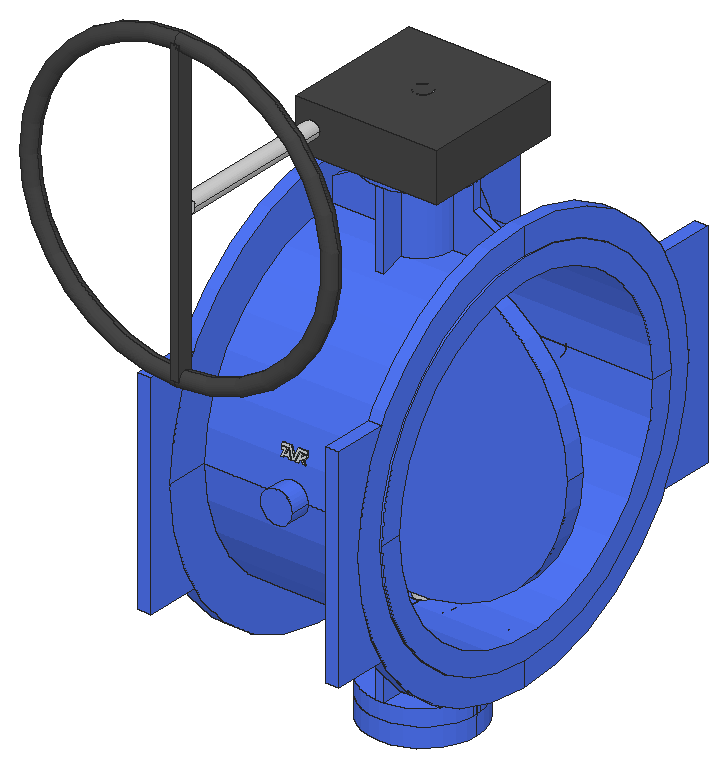
Revit family "756-100-020-DN150-600", category Pipe Accessories, Revit 2019
Family settings
  Round Connector Dimension = Use Diameter
  Part Type = Valve - Breaks Into
  Work Plane-Based = No
  Always vertical = Yes
  Cut with Voids When Loaded = No
  Shared = No
Parameters (values of type "DN600-PN16")
  offset = size_lookup(Search_table, "offset", 0.00 mm, DN)  # 3.00 mm
  W5 = size_lookup(Search_table, "W5", 0.00 mm, DN)  # 456.00 mm
  W4 = size_lookup(Search_table, "W4", 0.00 mm, DN)  # 437.00 mm
  W3 = size_lookup(Search_table, "W3", 0.00 mm, DN)  # 426.00 mm
  W2 = size_lookup(Search_table, "W2", 0.00 mm, DN)  # 556.00 mm
  W1 = size_lookup(Search_table, "W1", 0.00 mm, DN)  # 435.00 mm
  URL_product_pages = "https://www.avkvalves.com/P.aspx?no=756030011400009"
  Rib_width_2 = Gear_box_Mount_Flange_width * 2  # 205.00 mm
  Rib_width = L - (Flange_Thickness * 2)  # 330.00 mm
  Rib_height_2 = H1 - Flange_OD  # 75.00 mm
  Rib_depth = if(DN > 149.00 mm, 15.00 mm, if(DN > 299.00 mm, 15.00 mm, if(DN > 399.00 mm, 20.00 mm, 20.00 mm)))  # 15.00 mm
  Rib_height = Flange_OD / 1.1  # 354.545 mm
  Rf_Dia = size_lookup(Search_table, "RF_Dia", 0.00 mm, DN) / 2  # 341.00 mm
  RF_Cut_Thickness = 5.00 mm  # constant formula
  Pin_width = L / 2  # 195.00 mm
  Pin_dia = HW_rod_Dia * 2  # 60.00 mm
  Pin_Depth = (DN + size_lookup(Search_table, "Flange_OD", 0.00 mm, DN)) / 2  # 690.08 mm
  L2 = size_lookup(Search_table, "L2", 0.00 mm, DN)  # 100.00 mm
  L1 = size_lookup(Search_table, "L1", 0.00 mm, DN)  # 94.00 mm
  L = size_lookup(Search_table, "L", 0.00 mm, DN)  # 390.00 mm
  ID (Radius) = DN / 2  # 300.08 mm
  Hand_wheel_rod = size_lookup(Search_table, "Hand_wheel_rod", 0.00 mm, DN)  # 31.50 mm
  HW_rod_Dia = size_lookup(Search_table, "HW_rod_Dia", 0.00 mm, DN)  # 30.00 mm
  HW_height = W5 - (HW_rod_Dia / 2)  # 441.00 mm
  HW_Ref = size_lookup(Search_table, "HW_Ref", 0.00 mm, DN)  # 104.00 mm
  HW_Connecting_Rib_ref = (W2 + H1) / 2  # 510.50 mm
  HW_Connecting_Rib = D * 2  # 570.00 mm
  H2 = size_lookup(Search_table, "H2", 0.00 mm, DN)  # 502.00 mm
  H1 = size_lookup(Search_table, "H1", 0.00 mm, DN)  # 465.00 mm
  Gear_box_width = Gear_box_Mount_Flange_width * 1.3  # 133.25 mm
  Flange_Thickness = size_lookup(Search_table, "Flange_Thickness", 0.00 mm, DN)  # 30.00 mm
  Flange_OD = size_lookup(Search_table, "Flange_OD", 0.00 mm, DN) / 2  # 390.00 mm
  Disc_width = if(DN > 499.00 mm, 35.00 mm, if(DN > 399.00 mm, 25.00 mm, if(DN > 349.00 mm, 20.00 mm, if(DN > 249.00 mm, 15.00 mm, if(DN > 149.00 mm, 10.00 mm, 10.00 mm)))))  # 35.00 mm
  Disc_Dia = size_lookup(Search_table, "Disc_Dia", 0.00 mm, DN)  # 582.00 mm
  DN = 600.16 mm
  Search_table = "756-100-020-DN150-600"
  Disc_2 = size_lookup(Search_table, "Disk_2", 0.00 mm, DN)  # 20.00 mm
  Disc_1 = size_lookup(Search_table, "Disk_1", 0.00 mm, DN)  # 20.00 mm
  Description_ = "AVK_SWING_CHECK_VALVE"
  DN600_PN16 = "756-0600-1-1400009"
  DN600_PN10 = "756-0600-1-0400009"
  DN600 = yes
  DN500_PN16 = "756-0500-1-1400009"
  DN500_PN10 = "756-0500-1-0400009"
  DN500 = yes
  DN450_PN16 = "756-0450-1-1400009"
  DN450_PN10 = "756-0450-1-0400009"
  DN450 = yes
  DN400_PN16 = "756-0400-1-1400009"
  DN400_PN10 = "756-0400-1-0400009"
  DN400 = yes
  DN350_PN16 = "756-0350-1-1400009"
  DN350_PN10 = "756-0350-1-0400009"
  DN350 = yes
  DN300_PN16 = "756-0300-1-1400009"
  DN300_PN10 = "756-0300-1-0400009"
  DN300 = yes
  DN250_PN16 = "756-0250-1-1400009"
  DN250_PN10 = "756-0250-1-0400009"
  DN250 = yes
  DN200_PN16 = "756-0200-1-1400009"
  DN200_PN10 = "756-0200-1-0400009"
  DN200 = yes
  DN150_PN10/16 = "756-0150-1-1400009"
  DN150 = yes
  D = size_lookup(Search_table, "D", 0.00 mm, DN) / 2 - (HW_rod_Dia / 2)  # 285.00 mm
  C_rod = if(DN > 499.00 mm, 34.00 mm, if(DN > 399.00 mm, 24.00 mm, if(DN > 349.00 mm, 19.00 mm, if(DN > 249.00 mm, 14.00 mm, if(DN > 149.00 mm, 9.00 mm, 9.00 mm)))))  # 34.00 mm
  Bottom_width = size_lookup(Search_table, "Bottom_width", 0.00 mm, DN)  # 400.00 mm
  Bottom_Depth = DN * 1.5  # 900.24 mm
  Gear_box_Mount_width = size_lookup(Search_table, "Gear_box_Mount_width", 0.00 mm, DN) * 2  # 62.50 mm
  Gear_box_Mount_Flange_width = size_lookup(Search_table, "Gear_box_Mount_Flange_width", 0.00 mm, DN) / 2  # 102.50 mm
  Gear_box_Mount_Flange_thickness = size_lookup(Search_table, "Gear_box_Mount_Flange_thickness", 0.00 mm, DN)  # 30.00 mm
  Body_wallthickness = 10.00 mm  # constant formula
Types (18, lengths in mm): name | offset | W5 | W4 | W3 | W2 | W1 | Rib_width_2 | Rib_width | Rib_height_2 | Rib_height | Rf_Dia | Pin_width | Pin_dia | Pin_Depth | L2 | L1 | L | ID (Radius) | Hand_wheel_rod | HW_rod_Dia | HW_height | HW_Ref | HW_Connecting_Rib_ref | HW_Connecting_Rib | H2 | H1 | Gear_box_width | Flange_Thickness | Flange_OD | Disc_width | Disc_Dia | DN | Disc_2 | Disc_1 | DN250_PN10 | D | C_rod | Bottom_width | Bottom_Depth | Gear_box_Mount_width | Gear_box_Mount_Flange_width | Gear_box_Mount_Flange_thickness
  (no name) | 3.00 | 456.00 | 437.00 | 426.00 | 556.00 | 435.00 | 205.00 | 330.00 | 75.00 | 354.545 | 341.00 | 195.00 | 60.00 | 690.08 | 100.00 | 94.00 | 390.00 | 300.08 | 31.50 | 30.00 | 441.00 | 104.00 | 510.50 | 570.00 | 502.00 | 465.00 | 133.25 | 30.00 | 390.00 | 35.00 | 582.00 | 600.16 | 20.00 | 20.00 | "756-0250-1-0400009" | 285.00 | 34.00 | 400.00 | 900.24 | 62.50 | 102.50 | 30.00
  DN150-PN10/16 | 3.00 | 276.00 | 6.00 | 6.00 | 263.00 | 155.00 | 136.00 | 180.00 | 48.00 | 129.545 | 105.50 | 105.00 | 30.00 | 217.50 | 1.00 | 1.00 | 210.00 | 75.00 | 36.50 | 15.00 | 268.50 | 71.00 | 226.75 | 235.00 | 201.00 | 190.50 | 88.40 | 15.00 | 142.50 | 10.00 | 133.00 | 150.00 | 2.00 | 2.00 | "756-0250-1-0400009" | 117.50 | 9.00 | 120.00 | 225.00 | 43.00 | 68.00 | 15.00
  DN200-PN10 | 5.00 | 276.00 | 6.00 | 6.00 | 279.00 | 182.00 | 136.00 | 200.00 | 46.50 | 154.545 | 133.00 | 115.00 | 30.00 | 270.05 | 1.00 | 1.00 | 230.00 | 100.05 | 31.50 | 15.00 | 268.50 | 71.00 | 247.75 | 235.00 | 225.00 | 216.50 | 88.40 | 15.00 | 170.00 | 10.00 | 180.00 | 200.10 | 2.00 | 2.00 | "756-0250-1-0400009" | 117.50 | 9.00 | 140.00 | 300.15 | 43.00 | 68.00 | 15.00
  DN250-PN10 | 5.00 | 276.00 | 6.00 | 6.00 | 313.00 | 215.00 | 124.00 | 220.00 | 48.00 | 184.091 | 159.50 | 125.00 | 30.00 | 327.55 | 1.00 | 1.00 | 250.00 | 125.05 | 31.50 | 15.00 | 268.50 | 71.00 | 281.75 | 235.00 | 259.00 | 250.50 | 80.60 | 15.00 | 202.50 | 15.00 | 227.00 | 250.10 | 2.00 | 2.00 | "756-0250-1-0400009" | 117.50 | 14.00 | 170.00 | 375.15 | 37.00 | 62.00 | 15.00
  DN300-PN10 | 6.00 | 276.00 | 104.00 | 6.00 | 343.00 | 242.00 | 150.00 | 230.00 | 51.50 | 209.091 | 185.00 | 135.00 | 40.00 | 380.05 | 12.00 | 1.00 | 270.00 | 150.05 | 31.00 | 20.00 | 266.00 | 71.00 | 312.25 | 230.00 | 293.00 | 281.50 | 97.50 | 20.00 | 230.00 | 15.00 | 282.17 | 300.10 | 20.00 | 3.00 | "756-0250-1-0400009" | 115.00 | 14.00 | 210.00 | 450.15 | 45.00 | 75.00 | 20.00
  DN350-PN10 | 3.00 | 276.00 | 173.00 | 151.00 | 369.00 | 272.00 | 160.00 | 250.00 | 48.00 | 236.364 | 214.50 | 145.00 | 40.00 | 435.05 | 26.00 | 20.00 | 290.00 | 175.05 | 30.50 | 20.00 | 266.00 | 71.00 | 338.50 | 230.00 | 318.00 | 308.00 | 104.00 | 20.00 | 260.00 | 20.00 | 334.20 | 350.10 | 20.00 | 20.00 | "756-0250-1-0400009" | 115.00 | 19.00 | 210.00 | 525.15 | 50.00 | 80.00 | 20.00
  DN400-PN10 | 3.00 | 306.00 | 232.00 | 215.00 | 403.00 | 302.00 | 150.00 | 270.00 | 49.00 | 263.636 | 240.00 | 155.00 | 40.00 | 490.05 | 41.00 | 35.00 | 310.00 | 200.05 | 32.00 | 20.00 | 296.00 | 80.00 | 371.00 | 380.00 | 349.00 | 339.00 | 97.50 | 20.00 | 290.00 | 25.00 | 383.00 | 400.10 | 20.00 | 20.00 | "756-0250-1-0400009" | 190.00 | 24.00 | 260.00 | 600.15 | 45.00 | 75.00 | 20.00
  DN450-PN10 | 3.00 | 306.00 | 284.00 | 267.00 | 440.00 | 332.00 | 185.00 | 270.00 | 40.00 | 290.909 | 265.00 | 165.00 | 60.00 | 545.05 | 55.00 | 48.00 | 330.00 | 225.05 | 30.00 | 30.00 | 291.00 | 86.00 | 400.00 | 370.00 | 389.00 | 360.00 | 120.25 | 30.00 | 320.00 | 25.00 | 430.00 | 450.10 | 20.00 | 20.00 | "756-0250-1-0400009\r\n756-0250-1-0400009" | 185.00 | 24.00 | 280.00 | 675.15 | 58.00 | 92.50 | 30.00
  DN500-PN10 | 3.00 | 306.00 | 335.00 | 322.00 | 468.00 | 338.00 | 185.00 | 290.00 | 55.00 | 304.545 | 291.00 | 175.00 | 60.00 | 585.05 | 69.00 | 63.00 | 350.00 | 250.05 | 30.00 | 30.00 | 291.00 | 86.00 | 429.00 | 370.00 | 417.00 | 390.00 | 120.25 | 30.00 | 335.00 | 35.00 | 480.61 | 500.10 | 20.00 | 20.00 | "756-0250-1-0400009" | 185.00 | 34.00 | 320.00 | 750.15 | 58.00 | 92.50 | 30.00
  DN600-PN10 | 3.00 | 416.00 | 437.00 | 426.00 | 536.00 | 393.00 | 205.00 | 330.00 | 75.00 | 354.545 | 341.00 | 195.00 | 60.00 | 690.05 | 100.00 | 94.00 | 390.00 | 300.05 | 31.50 | 30.00 | 401.00 | 104.00 | 500.50 | 470.00 | 476.00 | 465.00 | 133.25 | 30.00 | 390.00 | 35.00 | 582.00 | 600.10 | 20.00 | 20.00 | "756-0250-1-0400009" | 235.00 | 34.00 | 400.00 | 900.15 | 62.50 | 102.50 | 30.00
  DN200-PN16 | 5.00 | 276.00 | 6.00 | 6.00 | 279.00 | 182.00 | 136.00 | 200.00 | 46.50 | 154.545 | 133.00 | 115.00 | 30.00 | 270.08 | 1.00 | 1.00 | 230.00 | 100.08 | 31.50 | 15.00 | 268.50 | 71.00 | 247.75 | 235.00 | 225.00 | 216.50 | 88.40 | 15.00 | 170.00 | 10.00 | 180.00 | 200.16 | 2.00 | 2.00 | "756-0250-1-0400009" | 117.50 | 9.00 | 140.00 | 300.24 | 43.00 | 68.00 | 15.00
  DN250-PN16 | 5.00 | 276.00 | 6.00 | 6.00 | 313.00 | 215.00 | 124.00 | 220.00 | 48.00 | 184.091 | 159.50 | 125.00 | 30.00 | 327.58 | 1.00 | 1.00 | 250.00 | 125.08 | 31.50 | 15.00 | 268.50 | 71.00 | 281.75 | 235.00 | 259.00 | 250.50 | 80.60 | 15.00 | 202.50 | 15.00 | 227.00 | 250.16 | 2.00 | 2.00 | "756-0250-1-0400009" | 117.50 | 14.00 | 170.00 | 375.24 | 37.00 | 62.00 | 15.00
  DN300-PN16 | 6.00 | 306.00 | 104.00 | 6.00 | 343.00 | 242.00 | 150.00 | 230.00 | 51.50 | 209.091 | 185.00 | 135.00 | 40.00 | 380.08 | 12.00 | 1.00 | 270.00 | 150.08 | 31.00 | 20.00 | 296.00 | 71.00 | 312.25 | 380.00 | 293.00 | 281.50 | 97.50 | 20.00 | 230.00 | 15.00 | 282.17 | 300.16 | 20.00 | 3.00 | "756-0250-1-0400009" | 190.00 | 14.00 | 210.00 | 450.24 | 45.00 | 75.00 | 20.00
  DN350-PN16 | 3.00 | 306.00 | 173.00 | 151.00 | 369.00 | 272.00 | 160.00 | 250.00 | 48.00 | 236.364 | 214.50 | 145.00 | 40.00 | 435.08 | 26.00 | 20.00 | 290.00 | 175.08 | 30.50 | 20.00 | 296.00 | 71.00 | 338.50 | 380.00 | 318.00 | 308.00 | 104.00 | 20.00 | 260.00 | 20.00 | 334.20 | 350.16 | 20.00 | 20.00 | "756-0250-1-0400009" | 190.00 | 19.00 | 210.00 | 525.24 | 50.00 | 80.00 | 20.00
  DN400-PN16 | 3.00 | 306.00 | 232.00 | 215.00 | 403.00 | 302.00 | 150.00 | 270.00 | 49.00 | 263.636 | 240.00 | 155.00 | 40.00 | 490.08 | 41.00 | 35.00 | 310.00 | 200.08 | 32.00 | 20.00 | 296.00 | 80.00 | 371.00 | 380.00 | 349.00 | 339.00 | 97.50 | 20.00 | 290.00 | 25.00 | 383.00 | 400.16 | 20.00 | 20.00 | "756-0250-1-0400009" | 190.00 | 24.00 | 260.00 | 600.24 | 45.00 | 75.00 | 20.00
  DN450-PN16 | 3.00 | 416.00 | 284.00 | 267.00 | 440.00 | 332.00 | 185.00 | 270.00 | 40.00 | 290.909 | 265.00 | 165.00 | 60.00 | 545.08 | 55.00 | 48.00 | 330.00 | 225.08 | 30.00 | 30.00 | 401.00 | 86.00 | 400.00 | 470.00 | 389.00 | 360.00 | 120.25 | 30.00 | 320.00 | 25.00 | 430.00 | 450.16 | 20.00 | 20.00 | "756-0250-1-0400009" | 235.00 | 24.00 | 280.00 | 675.24 | 58.00 | 92.50 | 30.00
  DN500-PN16 | 3.00 | 416.00 | 335.00 | 322.00 | 477.00 | 371.00 | 185.00 | 290.00 | 55.00 | 304.545 | 291.00 | 175.00 | 60.00 | 585.08 | 69.00 | 63.00 | 350.00 | 250.08 | 30.00 | 30.00 | 401.00 | 86.00 | 433.50 | 470.00 | 426.00 | 390.00 | 120.25 | 30.00 | 335.00 | 35.00 | 480.61 | 500.16 | 20.00 | 20.00 | "756-0250-1-0400009" | 235.00 | 34.00 | 320.00 | 750.24 | 58.00 | 92.50 | 30.00
  DN600-PN16 | 3.00 | 456.00 | 437.00 | 426.00 | 556.00 | 435.00 | 205.00 | 330.00 | 75.00 | 354.545 | 341.00 | 195.00 | 60.00 | 690.08 | 100.00 | 94.00 | 390.00 | 300.08 | 31.50 | 30.00 | 441.00 | 104.00 | 510.50 | 570.00 | 502.00 | 465.00 | 133.25 | 30.00 | 390.00 | 35.00 | 582.00 | 600.16 | 20.00 | 20.00 | "756-0250-1-0400009" | 285.00 | 34.00 | 400.00 | 900.24 | 62.50 | 102.50 | 30.00
Reference planes
  plane 1 "Center (Front/Back)": y = 0
  plane 2: z = 0
  plane 3 "Center (Left/Right)": x = 0
  plane 4: y = 300.08
  plane 5: y = 310.08
  plane 6: x = 195
  plane 7: x = 165
  plane 8: x = -165
  plane 9: x = -195
  plane 10: z = 465
  plane 11: x = 102.5
  plane 12: z = 435
  plane 13: z = -465
  plane 14: x = 102.5
  plane 15: z = -435
  plane 16: x = 62.5
  plane 17: x = 102.5
  plane 18: x = -102.5
  plane 19: z = 465
  plane 20: z = 390
  plane 21: z = 300.08
  plane 22: x = 165
  plane 23: x = -165
  plane 24: z = 354.545
  plane 25: y = 7.5
  plane 26: y = -7.5
  plane 27: x = 102.5
  plane 28: x = -102.5
  plane 29: z = -465
  plane 30: z = -390
  plane 31: z = -300.08
  plane 32: x = 165
  plane 33: x = -165
  plane 34: z = -354.545
  plane 35: y = 102.5
  plane 36: y = -102.5
  plane 37: x = -7.5
  plane 38: x = 7.5
  plane 39: z = 200
  plane 40: z = -200
  plane 41: y = -435
  plane 42: y = 435
  plane 43: z = 556
  plane 44: x = -133.25
  plane 45: x = 133.25
  plane 46: y = 133.25
  plane 47: y = -133.25
  plane 48: y = -456
  plane 49: z = 524.5
  plane 50: y = -426
  plane 51: z = -502
  plane 52: z = 556
  plane 53: x = 62.5
  plane 54: y = 300.08
  plane 55: y = -300.08
  plane 56: y = 345.04
  plane 57: y = -345.04
  plane 58: x = -104
  plane 59: z = 510.5
  plane 60: z = 795.5
  plane 61: z = 225.5
  plane 62: x = -111.5
  plane 63: x = -96.5
  plane 64: y = -17.5
  plane 65: y = 17.5
  plane 66: z = 167.817
  plane 67: z = -167.817
  plane 68: z = 161.439
  plane 69: z = -161.439
Forms (mm)
  Revolve 1, solid, material "Plastic"
    sketch origin (0, 0, 0) x (1, 0, 0) y (0, 1, 0)
      loop
        line (-165, 310.08) -> (-165, 390) -> (-195, 390) -> (-195, 300.08) -> (195, 300.08) -> (195, 390) -> (165, 390) -> (165, 310.08) -> (-165, 310.08)
      axis (-195, 0) -> (195, 0)
    angle from 0 to 360
  Revolve 2, solid, material "Plastic"
    sketch origin (0, 0, 0) x (1, 0, 0) y (0, 0, 1)
      loop
        line (62.5, 435) -> (102.5, 435) -> (102.5, 465) -> (0, 465) -> (0, 300.08) -> (62.5, 300.08) -> (62.5, 435)
      axis (0, 465) -> (0, 300.08)
    angle from 0 to 360
  Revolve 3, solid, material "Plastic"
    sketch origin (0, 0, 0) x (1, 0, 0) y (0, 0, -1)
      loop
        line (62.5, 300.08) -> (62.5, 435) -> (102.5, 435) -> (102.5, 465) -> (0, 465) -> (0, 300.08) -> (62.5, 300.08)
      axis (0, 465) -> (0, 300.08)
    angle from 0 to 360
  Revolve 4, solid, material "Plastic"
    sketch origin (0, 0, 0) x (1, 0, 0) y (0, 0, 1)
      loop
        line (0, -465) -> (0, -502) -> (102.5, -502) -> (102.5, -465) -> (0, -465)
      axis (0, -502) -> (0, -465)
    angle from 0 to 360
  Extrusion 5, solid, material "Plastic"
    sketch origin (0, 0, 0) x (1, 0, 0) y (0, 0, 1)
      loop
        line (102.5, 465) -> (-102.5, 465) -> (-102.5, 390) -> (-165, 354.545) -> (-165, 300.08) -> (165, 300.08) -> (165, 354.545) -> (102.5, 390) -> (102.5, 465)
    from -7.5 to 7.5
  Extrusion 6, solid, material "Plastic"
    sketch origin (0, 0, 0) x (1, 0, 0) y (0, 0, 1)
      loop
        line (102.5, -465) -> (102.5, -390) -> (165, -354.545) -> (165, -300.08) -> (-165, -300.08) -> (-165, -354.545) -> (-102.5, -390) -> (-102.5, -465) -> (102.5, -465)
    from -7.5 to 7.5
  Extrusion 7, solid, material "Plastic"
    sketch origin (0, 0, 0) x (0, 1, 0) y (0, 0, 1)
      loop
        line (102.5, 435) -> (-102.5, 435) -> (-102.5, -435) -> (102.5, -435) -> (102.5, 435)
    from -7.5 to 7.5
  Extrusion 8, solid, material "Plastic"
    sketch origin (0, 0, 0) x (0, 1, 0) y (0, 0, 1)
      loop
        line (435, -200) -> (435, 200) -> (334.813, 200)
        arc (334.813, 200) -> (375.95, 103.737) -> (390, 0) r 390
        arc (390, 0) -> (375.95, -103.737) -> (334.813, -200) r 390
        line (334.813, -200) -> (435, -200)
      loop
        line (-435, 200) -> (-435, -200) -> (-334.813, -200)
        arc (-334.813, -200) -> (-375.95, -103.737) -> (-390, 0) r 390
        arc (-390, 0) -> (-375.95, 103.737) -> (-334.813, 200) r 390
        line (-334.813, 200) -> (-435, 200)
    from 165 to 195
  Extrusion 9, void
    sketch origin (0, 0, 0) x (0, 1, 0) y (0, 0, 1)
      loop
        circle (0, 0) r 300.08
    from -195 to 195
  Extrusion 10, solid, material "Plastic"
    sketch origin (0, 0, 0) x (0, 1, 0) y (0, 0, -1)
      loop
        line (-435, -200) -> (-334.813, -200)
        arc (-334.813, -200) -> (-375.95, -103.737) -> (-390, 0) r 390
        arc (-390, 0) -> (-375.95, 103.737) -> (-334.813, 200) r 390
        line (-334.813, 200) -> (-435, 200) -> (-435, -200)
      loop
        line (435, 200) -> (334.813, 200)
        arc (334.813, 200) -> (375.95, 103.737) -> (390, 0) r 390
        arc (390, 0) -> (375.95, -103.737) -> (334.813, -200) r 390
        line (334.813, -200) -> (435, -200) -> (435, 200)
    from 165 to 195
  Extrusion 11, solid, material "Stainless Steel AISI 304"
    sketch origin (0, 0, 0) x (1, 0, 0) y (0, 0, 1)
      loop
        line (-133.25, 465) -> (133.25, 465) -> (133.25, 556) -> (-133.25, 556) -> (-133.25, 465)
    from -133.25 to 133.25
  Extrusion 12, solid, material "Stainless Steel AISI 304(1)"
    sketch origin (0, 0, 0) x (1, 0, 0) y (0, 0, 1)
      loop
        circle (-104, 510.5) r 15
    from 0 to 426
  Extrusion 13, solid, material "Stainless Steel AISI 304"
    sketch origin (0, 0, 0) x (1, 0, 0) y (0, 0, 1)
      loop
        line (-111.5, 795.5) -> (-111.5, 225.5) -> (-96.5, 225.5) -> (-96.5, 795.5) -> (-111.5, 795.5)
    from 426 to 456
  Extrusion 14, solid, material "Plastic"
    sketch origin (0, 0, 0) x (1, 0, 0) y (0, 0, 1)
      loop
        circle (0, 0) r 30
    from -345.04 to -300.08
  Extrusion 15, solid, material "Plastic"
    sketch origin (0, 0, 0) x (1, 0, 0) y (0, 0, 1)
      loop
        circle (0, 0) r 30
    from 345.04 to 300.08
  Revolve 16, void
    sketch origin (0, 0, 0) x (1, 0, 0) y (0, 0, 1)
      loop
        line (195, 502) -> (190, 502) -> (190, 341) -> (195, 341) -> (195, 502)
      loop
        line (-195, 502) -> (-195, 341) -> (-190, 341) -> (-190, 502) -> (-195, 502)
      axis (-195, 0) -> (195, 0)
    angle from 0 to 360
  Revolve 17, solid, material "Stainless Steel AISI 304"
    sketch origin (-104, -1524, 556) x (0, 0, -1) y (0, -1, 0)
      loop
        circle (-239.5, -1083) r 15
      axis (45.5, -1083) -> (45.5, -1082)
    angle from 0 to 360
  Extrusion 18, solid, material "Plastic"
    sketch origin (0, 0, 0) x (1, 0, 0) y (0, 0, 1)
      loop
        circle (-3, 0) r 291
    from -17.5 to 17.5
  Extrusion 19, solid
    sketch origin (0, 0, 0) x (1, 0, 0) y (0, 1, 0)
      loop
        circle (0, 0) r 17
    from -502 to 556
Cuts and joins
  Extrusion 9, Revolve 16 cuts Revolve 1
  Extrusion 9 cuts Extrusion 7
  Extrusion 9, Revolve 16 cuts Extrusion 8
  Revolve 16 cuts Extrusion 10
Dimensions and locks
  equal spacing: plane 9, plane 3 "Center (Left/Right)", plane 6
  "L": plane 9 to plane 6
  "ID (Radius)": plane 4 to plane 1 "Center (Front/Back)"
  "Body_wallthickness": plane 5 to plane 4
  "Flange_Thickness": plane 7 to plane 6
  "Flange_Thickness": plane 9 to plane 8
  "Flange_OD": plane 1 "Center (Front/Back)" to Revolve 1 sketch curve
  "H1": plane 10 to level
  "Gear_box_Mount_Flange_thickness": plane 10 to plane 12
  "ID (Radius)": Revolve 2 sketch curve to level
  "Gear_box_Mount_Flange_width": plane 3 "Center (Left/Right)" to plane 11
  "Gear_box_Mount_Flange_thickness": plane 13 to plane 15
  "H1": level to plane 13
  "ID (Radius)": level to Revolve 3 sketch curve
  "Gear_box_Mount_Flange_width": Revolve 4 sketch curve to Revolve 4 sketch curve
  "ID (Radius)": plane 21 to level
  "H1": plane 19 to level
  "Gear_box_Mount_Flange_width": plane 3 "Center (Left/Right)" to plane 17
  "Gear_box_Mount_Flange_width": plane 18 to plane 3 "Center (Left/Right)"
  "Rib_height": plane 24 to level
  equal spacing: plane 25, plane 1 "Center (Front/Back)", plane 26
  "Rib_depth": plane 25 to plane 26
  equal spacing: plane 22, plane 3 "Center (Left/Right)", plane 23
  "Rib_width": plane 22 to plane 23
  "Rib_height_2": plane 19 to plane 20
  "Rib_height_2": plane 29 to plane 30
  "Rib_height": level to plane 34
  "Gear_box_Mount_Flange_width": plane 28 to plane 3 "Center (Left/Right)"
  "Gear_box_Mount_Flange_width": plane 3 "Center (Left/Right)" to plane 27
  "ID (Radius)": level to plane 31
  "H1": level to plane 29
  equal spacing: plane 32, plane 3 "Center (Left/Right)", plane 33
  "Rib_width": plane 32 to plane 33
  equal spacing: plane 35, plane 1 "Center (Front/Back)", plane 36
  equal spacing: plane 37, plane 3 "Center (Left/Right)", plane 38
  "Rib_depth": plane 37 to plane 38
  equal spacing: plane 42, plane 1 "Center (Front/Back)", plane 41
  "W1": plane 1 "Center (Front/Back)" to plane 41
  "W1": plane 42 to plane 1 "Center (Front/Back)"
  "Bottom_width": plane 39 to plane 40
  equal spacing: plane 39, level, plane 40
  "W2": plane 43 to level
  equal spacing: plane 45, plane 3 "Center (Left/Right)", plane 44
  equal spacing: plane 46, plane 1 "Center (Front/Back)", plane 47
  "Rib_width_2": plane 35 to plane 36
  "Gear_box_width": plane 45 to plane 3 "Center (Left/Right)"
  "Gear_box_width": plane 1 "Center (Front/Back)" to plane 47
  "W5": plane 1 "Center (Front/Back)" to plane 48
  "H2": level to Revolve 4 sketch curve
  "HW_rod_Dia": plane 50 to plane 48
  "H2": level to plane 51
  "W2": plane 52 to level
  "W1": plane 1 "Center (Front/Back)" to Extrusion 10
  "Gear_box_Mount_width": plane 53 to plane 3 "Center (Left/Right)"
  "Gear_box_Mount_width": plane 3 "Center (Left/Right)" to plane 16
  "Gear_box_Mount_Flange_width": plane 3 "Center (Left/Right)" to plane 14
  "Pin_width": cut or joined group of Extrusion 8, Extrusion 9, Revolve 16 to Extrusion 14 sketch curve
  "H2": Extrusion 14 sketch curve to Revolve 4
  equal spacing: plane 54, plane 1 "Center (Front/Back)", plane 55
  "DN": plane 54 to plane 55
  equal spacing: plane 56, plane 1 "Center (Front/Back)", plane 57
  "Pin_Depth": plane 56 to plane 57
  "Rf_Dia": Revolve 16 sketch curve to level
  "RF_Cut_Thickness": Revolve 16 sketch curve to Revolve 16 sketch curve  (x2)
  "H2": Revolve 16 sketch curve to level
  cut or joined group of Revolve 1, Extrusion 9, Revolve 16 to cut or joined group of Revolve 1, Extrusion 9, Revolve 16 = 390.00 mm
  "HW_Ref": plane 3 "Center (Left/Right)" to plane 58
  "HW_height": plane 1 "Center (Front/Back)" to Revolve 17 sketch curve
  "D": Revolve 17 sketch curve to Revolve 17 sketch curve
  "HW_Ref": plane 3 "Center (Left/Right)" to Extrusion 12 sketch curve
  "HW_Connecting_Rib_ref": plane 59 to level
  equal spacing: plane 63, plane 58, plane 62
  "Rib_depth": plane 63 to plane 62
  equal spacing: plane 60, plane 59, plane 61
  "HW_Connecting_Rib": plane 60 to plane 61
  "offset": nested 1 to Extrusion 18 sketch curve
  equal spacing: plane 65, plane 1 "Center (Front/Back)", plane 64
  "Disc_width": plane 65 to plane 64
  equal spacing: plane 55, Extrusion 19 sketch curve, plane 54
  equal spacing: cut or joined group of Revolve 1, Extrusion 9, Revolve 16, Extrusion 19 sketch curve, cut or joined group of Revolve 1, Extrusion 9, Revolve 16
  "HW_Connecting_Rib_ref": Extrusion 12 sketch curve to level
  "HW_Connecting_Rib_ref": Revolve 17 sketch curve to level
  Extrusion 18 to cut or joined group of Revolve 1, Extrusion 9, Revolve 16 = 99.00 mm
  cut or joined group of Revolve 1, Extrusion 9, Revolve 16 to Extrusion 18 = 93.00 mm
  plane 66 to plane 67 = 335.634 mm
  "Pin_dia": diameter of Extrusion 14 sketch curve
  "HW_rod_Dia": diameter of Revolve 17 sketch curve
  "HW_rod_Dia": diameter of Extrusion 12 sketch curve
  "Disc_Dia": diameter of Extrusion 18 sketch curve
  "C_rod": diameter of Extrusion 19 sketch curve
  aligned and locked: level to plane 2
  aligned and locked: Revolve 1 sketch curve to plane 4
  aligned and locked: plane 5 to Revolve 1 sketch curve
  aligned and locked: Revolve 1 sketch curve to plane 6
  aligned and locked: Revolve 1 sketch curve to plane 7
  aligned and locked: Revolve 1 sketch curve to plane 8
  aligned and locked: Revolve 1 sketch curve to plane 9
  aligned and locked: Revolve 1 sketch curve to Revolve 1 sketch curve
  aligned and locked: plane 1 "Center (Front/Back)" to Revolve 1 sketch curve
  aligned and locked: Revolve 2 sketch curve to Revolve 2 sketch curve
  aligned and locked: plane 10 to Revolve 2 sketch curve
  aligned and locked: Revolve 2 sketch curve to plane 11  (x2)
  aligned and locked: plane 12 to Revolve 2 sketch curve
  aligned and locked: Revolve 2 sketch curve to plane 3 "Center (Left/Right)"
  aligned and locked: Revolve 3 sketch curve to plane 14
  aligned and locked: plane 13 to Revolve 3 sketch curve
  aligned and locked: Revolve 4 sketch curve to Revolve 3
  aligned and locked: Revolve 4 sketch curve to plane 3 "Center (Left/Right)"  (x2)
  aligned and locked: Extrusion 5 sketch curve to plane 17  (x2)
  aligned and locked: Extrusion 5 sketch curve to plane 19
  aligned and locked: Extrusion 5 sketch curve to plane 18  (x2)
  aligned and locked: plane 19 to Extrusion 5 sketch curve
  aligned and locked: Extrusion 5 sketch curve to plane 20
  aligned and locked: plane 20 to Extrusion 5 sketch curve
  aligned and locked: Extrusion 5 sketch curve to plane 24
  aligned and locked: plane 22 to Extrusion 5 sketch curve  (x2)
  aligned and locked: plane 24 to Extrusion 5 sketch curve
  aligned and locked: plane 23 to Extrusion 5 sketch curve  (x2)
  aligned and locked: plane 21 to Extrusion 5 sketch curve
  aligned and locked: Extrusion 5 to plane 25
  aligned and locked: Extrusion 5 to plane 26
  aligned and locked: Extrusion 6 sketch curve to plane 27  (x2)
  aligned and locked: plane 32 to Extrusion 6 sketch curve  (x2)
  aligned and locked: plane 33 to Extrusion 6 sketch curve  (x2)
  aligned and locked: plane 31 to Extrusion 6 sketch curve  (x2)
  aligned and locked: Extrusion 6 sketch curve to plane 34
  aligned and locked: plane 28 to Extrusion 6 sketch curve  (x2)
  aligned and locked: Extrusion 6 sketch curve to plane 30
  aligned and locked: plane 30 to Extrusion 6 sketch curve
  aligned and locked: Extrusion 6 sketch curve to plane 29
  aligned and locked: plane 29 to Extrusion 6 sketch curve
  aligned and locked: plane 34 to Extrusion 6 sketch curve
  aligned and locked: plane 35 to Extrusion 7 sketch curve
  aligned and locked: Extrusion 7 sketch curve to plane 36
  aligned and locked: Extrusion 7 sketch curve to Revolve 2
  aligned and locked: Extrusion 7 to plane 38
  aligned and locked: Extrusion 7 to plane 37
  aligned and locked: plane 39 to Extrusion 8 sketch curve  (x2)
  aligned and locked: Extrusion 8 sketch curve to plane 39  (x2)
  aligned and locked: Extrusion 8 to Revolve 1  (x2)
  aligned and locked: Extrusion 9 sketch curve to Revolve 1  (x2)
  aligned and locked: plane 41 to Extrusion 8 sketch curve
  aligned and locked: Extrusion 8 sketch curve to plane 40
  aligned and locked: Extrusion 8 sketch curve to plane 41
  aligned and locked: Extrusion 8 sketch curve to plane 42
  aligned and locked: plane 40 to Extrusion 8 sketch curve
  aligned and locked: plane 42 to Extrusion 8 sketch curve
  aligned and locked: Extrusion 8 sketch curve to cut or joined group of Revolve 1, Extrusion 9, Revolve 16  (x4)
  aligned and locked: Extrusion 10 sketch curve to cut or joined group of Extrusion 8, Extrusion 9, Revolve 16  (x6)
  aligned and locked: Extrusion 10 sketch curve to cut or joined group of Revolve 1, Extrusion 9, Revolve 16  (x3)
  aligned and locked: Extrusion 10 to Extrusion 5
  aligned and locked: Extrusion 10 to cut or joined group of Revolve 1, Extrusion 9, Revolve 16
  aligned and locked: Extrusion 11 sketch curve to Revolve 2
  aligned and locked: Extrusion 11 sketch curve to plane 44
  aligned and locked: plane 43 to Extrusion 11 sketch curve
  aligned and locked: Extrusion 11 sketch curve to plane 45
  aligned and locked: Extrusion 11 sketch curve to plane 43
  aligned and locked: plane 47 to Extrusion 11
  aligned and locked: Extrusion 11 to plane 46
  aligned and locked: Extrusion 13 to plane 50
  aligned and locked: plane 3 "Center (Left/Right)" to nested 1
  aligned and locked: Revolve 2 sketch curve to plane 53  (x2)
  aligned and locked: plane 16 to Revolve 3 sketch curve
  aligned and locked: plane 15 to Revolve 3 sketch curve  (x2)
  aligned and locked: Revolve 3 sketch curve to plane 3 "Center (Left/Right)"  (x2)
  aligned and locked: Revolve 3 sketch curve to Revolve 3 sketch curve
  aligned and locked: plane 14 to Revolve 3 sketch curve
  aligned and locked: Extrusion 14 to plane 54
  aligned and locked: Extrusion 15 sketch curve to Extrusion 14  (x2)
  aligned and locked: plane 55 to Extrusion 15
  aligned and locked: Extrusion 14 to plane 56
  aligned and locked: plane 57 to Extrusion 15
  aligned and locked: Revolve 16 sketch curve to cut or joined group of Revolve 1, Extrusion 9, Revolve 16  (x2)
  aligned and locked: Revolve 16 sketch curve to Revolve 16 sketch curve  (x2)
  aligned and locked: Revolve 16 sketch curve to plane 2
  aligned and locked: Extrusion 9 to Revolve 1  (x2)
  aligned and locked: Extrusion 7 sketch curve to Revolve 3
  aligned and locked: plane 62 to Extrusion 13 sketch curve
  aligned and locked: plane 60 to Extrusion 13 sketch curve  (x2)
  aligned and locked: plane 63 to Extrusion 13 sketch curve
  aligned and locked: Extrusion 13 sketch curve to plane 62
  aligned and locked: plane 61 to Extrusion 13 sketch curve  (x2)
  aligned and locked: Extrusion 13 sketch curve to plane 63
  aligned and locked: Extrusion 18 to plane 65
  aligned and locked: Extrusion 18 to plane 64
  aligned and locked: Extrusion 11 to Extrusion 19
  aligned and locked: Extrusion 19 to Revolve 4
  aligned and locked: Extrusion 12 to Extrusion 13
  aligned and locked: plane 48 to Extrusion 13
Automatic sketch dimensions
  Extrusion 10 sketch curve to Extrusion 10 sketch curve = 0.00 mm
  Revolve 1 sketch curve to plane 8 = 30.00 mm
  Revolve 1 sketch curve to plane 38 = 19.183 mm
  Revolve 4 sketch curve to Revolve 4 sketch curve = 60.00 mm
  Revolve 4 sketch curve to Revolve 4 sketch curve = 15.00 mm
  Revolve 2 sketch curve to Revolve 2 sketch curve = 35.25 mm
  Revolve 3 sketch curve to Revolve 3 sketch curve = 35.25 mm
  plane 50 to Revolve 17 sketch curve = 16.881 mm
  plane 48 to Revolve 17 sketch curve = 68.119 mm
  Extrusion 18 sketch curve to level = 0.00 mm
  Revolve 2 sketch curve to Revolve 2 sketch curve = 51.80 mm
  Revolve 3 sketch curve to Revolve 3 sketch curve = 51.80 mm
  Revolve 16 sketch curve to plane 58 = 31.00 mm
  Revolve 16 sketch curve to plane 38 = 42.50 mm
Nested families
  nested 1: "LOGO LV Final" at (0, -306.073, 49.691) x (1, 0, 0) z (0, -0.9871, 0.1603), type "LOGO LV Final"
Definition of nested family "LOGO LV Final"
  Parameters (values of type "LOGO LV Final")
    Default Elevation = 1219.20 mm
  Reference planes
    plane 1 "Center (Front/Back)": y = 0
    plane 2: z = 0
    plane 3 "Center (Left/Right)": x = 0
  Forms (mm)
    Extrusion 1, solid
      sketch origin (0, 0, 0) x (1, 0, 0) y (0, 1, 0)
        loop
          line (-1219.2, 1219.2) -> (-1219.2, -1219.2) -> (1219.2, -1219.2) -> (1219.2, 1219.2) -> (-1219.2, 1219.2)
      from 0 to -304.8
    Extrusion 2, solid
      sketch origin (0, 0, 0) x (1, 0, 0) y (0, 1, 0)
        loop
          line (-6.514, 34.224) -> (-24, 34.224) -> (-24, 29.481) -> (-9.766, 29.481) -> (-2.391, 11.367) -> (2.391, 11.367) -> (9.766, 29.481) -> (24, 29.481) -> (24, 34.224) -> (6.514, 34.224) -> (0, 18.224) -> (-6.514, 34.224)
        loop
          line (-10.996, 27.653) -> (-24, 27.653) -> (-24, 23.081) -> (-19.503, 23.081) -> (-24, 11.367) -> (-18.92, 11.367) -> (-17.955, 13.881) -> (-10.51, 13.881) -> (-9.486, 11.367) -> (-4.365, 11.367) -> (-10.996, 27.653)
        loop
          line (-16.777, 18.224) -> (-12.278, 18.224) -> (-14.594, 23.912) -> (-16.777, 18.224)
        loop
          line (4.365, 11.367) -> (9.486, 11.367) -> (12.093, 17.77) -> (16.918, 11.367) -> (22.857, 11.367) -> (17.399, 18.61)
          arc (17.399, 18.61) -> (20.583, 20.18) -> (22.629, 23.081) r 7.2
          line (22.629, 23.081) -> (24, 23.081) -> (24, 27.653) -> (19.429, 27.653)
          arc (19.429, 27.653) -> (17.763, 23.526) -> (13.699, 21.714) r 5.943
          line (13.699, 21.714) -> (16.117, 27.653) -> (10.996, 27.653) -> (4.365, 11.367)
      from 0 to 1
  Dimensions and locks
    aligned and locked: plane 2 to Extrusion 1
    aligned and locked: level to Extrusion 1
    aligned and locked: Extrusion 2 sketch curve to import instance
